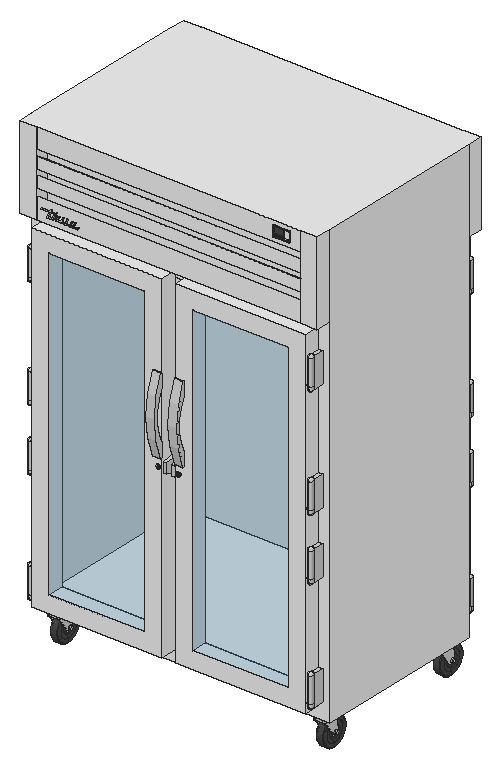
Revit family (continued)
Cuts and joins
  joined: Revolve 14, Extrusion 15
Lines and regions (in)
  symbolic lines
    curve 1: line (0, 0, 0) -> (52.625, 0, 0)
    curve 2: line (0, -36.125, 0) -> (0, 0, 0)
    curve 3: line (52.625, -36.125, 0) -> (0, -36.125, 0)
    curve 4: line (52.625, 0, 0) -> (52.625, -36.125, 0)
    curve 5: line (52.625, -33.875, 0) -> (0, -33.875, 0)
    curve 26: line (23.70675, -37.76905, 0) -> (23.70675, -36.125, 0)
    curve 27: line (23.70675, -37.76905, 0) -> (25.20675, -37.76905, 0)
    curve 28: line (25.20675, -36.125, 0) -> (25.20675, -37.76905, 0)
    curve 29: line (29.09375, -37.76905, 0) -> (29.09375, -36.125, 0)
    curve 30: line (29.09375, -37.76905, 0) -> (27.59375, -37.76905, 0)
    curve 31: line (27.59375, -36.125, 0) -> (27.59375, -37.76905, 0)
    curve 32: arc (20.275, 0.2, 0) -> (13.70938, 1.55018, 0) -> (7.14375, 0.2, 0) r 16.63863
    curve 33: line (20.275, 0, 0) -> (20.275, 0.2, 0)
    curve 34: line (7.14375, 0.2, 0) -> (7.14375, 0, 0)
    curve 35: arc (9.54375, 0, 0) -> (13.70938, 1.04513, 0) -> (17.875, 0, 0) r 8.82412
    curve 36: arc (32.2875, 0.2, 0) -> (39.0875, 1.64405, 0) -> (45.8875, 0.2, 0) r 16.7325
    curve 37: line (32.2875, 0, 0) -> (32.2875, 0.2, 0)
    curve 38: line (45.8875, 0.2, 0) -> (45.8875, 0, 0)
    curve 39: arc (43.4875, 0, 0) -> (39.0875, 1.15816, 0) -> (34.6875, 0, 0) r 8.93715
    curve 44: line (52.625, -2.25, 0) -> (0, -2.25, 0)
  symbolic lines, style "SpecialityEquipmentHiddenLines", visible <- "Show Casters"
    curve 6: line (3.60602, -26.67571, 0) -> (5.06131, -27.42571, 0)
    curve 7: line (1.20097, -31.34243, 0) -> (3.60602, -26.67571, 0)
    curve 8: line (2.65626, -32.09243, 0) -> (1.20097, -31.34243, 0)
    curve 9: line (5.06131, -27.42571, 0) -> (2.65626, -32.09243, 0)
    curve 10: line (3.98222, -3.1708, 0) -> (5.43751, -4.09689, 0)
    curve 11: line (1.20097, -7.54134, 0) -> (3.98222, -3.1708, 0)
    curve 12: line (2.65626, -8.46743, 0) -> (1.20097, -7.54134, 0)
    curve 13: line (5.43751, -4.09689, 0) -> (2.65626, -8.46743, 0)
    curve 14: line (50.00722, -3.1708, 0) -> (51.30626, -3.9208, 0)
    curve 15: line (47.38222, -7.71743, 0) -> (50.00722, -3.1708, 0)
    curve 16: line (48.68126, -8.46743, 0) -> (47.38222, -7.71743, 0)
    curve 17: line (51.30626, -3.9208, 0) -> (48.68126, -8.46743, 0)
    curve 18: line (50.00722, -26.89987, 0) -> (51.30626, -27.64987, 0)
    curve 19: line (47.38222, -31.44651, 0) -> (50.00722, -26.89987, 0)
    curve 20: line (48.68126, -32.19651, 0) -> (47.38222, -31.44651, 0)
    curve 21: line (51.30626, -27.64987, 0) -> (48.68126, -32.19651, 0)
  symbolic lines, style "QF-Door Swings", visible <- "Show Clearance", detail levels coarse
    curve 22: line (50.53125, -36.125, 0) -> (50.53125, -59.0625, 0)
    curve 23: arc (50.53125, -59.0625, 0) -> (34.31199, -52.34426, 0) -> (27.59375, -36.125, 0) r 22.9375
    curve 24: line (2.25, -36.125, 0) -> (2.25, -59.0625, 0)
    curve 25: arc (2.25, -59.0625, 0) -> (18.46926, -52.34426, 0) -> (25.1875, -36.125, 0) r 22.9375
    curve 40: line (50.53125, 0, 0) -> (50.53125, 22.9375, 0)
    curve 41: arc (50.53125, 22.9375, 0) -> (34.31199, 16.21926, 0) -> (27.59375, 0, 0) r 22.9375
    curve 42: line (2.25, 0, 0) -> (2.25, 22.9375, 0)
    curve 43: arc (2.25, 22.9375, 0) -> (18.46926, 16.21926, 0) -> (25.1875, 0, 0) r 22.9375
Dimensions and locks (in)
  "Depth": plane 5 "FRONT" to plane 1 "BACK"
  plane 7 to level = 6 1/8"
  plane 6 "TOP" to level = 84 1/8"
  plane 6 "TOP" to plane 7 = 78"
  Extrusion 6 to plane 1 "BACK" = 36 1/8"
  "Length": plane 3 "LEFT" to plane 4 "RIGHT"
  plane 4 "RIGHT" to plane 10 to plane 9 to plane 3 "LEFT" = 2 11/16", 46 15/16", 3"
  plane 4 "RIGHT" to plane 3 "LEFT" = 52 5/8"  (x4)
  Extrusion 6 to Extrusion 6 to plane 3 "LEFT" = 22 15/16", 2 1/4"
  plane 4 "RIGHT" to Extrusion 6 to Extrusion 6 = 2 3/32", 22 15/16"
  Extrusion 6 to plane 7 = 1 29/32"
  cut or joined group of Extrusion 1, Extrusion 2, Extrusion 3, Extrusion 4, Extrusion 5 to Extrusion 6 = 1 17/32"
  equal spacing: plane 3 "LEFT", plane 12, plane 4 "RIGHT"
  equal spacing: plane 1 "BACK", plane 14, plane 5 "FRONT"
  cut or joined group of Extrusion 1, Extrusion 2, Extrusion 3, Extrusion 4, Extrusion 5 to cut or joined group of Extrusion 1, Extrusion 2, Extrusion 3, Extrusion 4, Extrusion 5 = 52 15/32"  (x2)
  Extrusion 64 to Extrusion 64 = 22 15/16"  (x2)
  Extrusion 64 to Extrusion 92 = 29 7/32"
  Extrusion 92 to Extrusion 64 = 29 7/32"
  Extrusion 64 to Extrusion 93 = 29 7/32"
  Extrusion 93 to Extrusion 64 = 29 7/32"
  aligned and locked: level to plane 2
Automatic sketch dimensions
  Extrusion 1 sketch curve to plane 3 "LEFT" = 0"
  Extrusion 1 sketch curve to plane 9 = 19/32"
  Extrusion 1 sketch curve to plane 5 "FRONT" = 2 3/4"
  plane 1 "BACK" to Extrusion 1 sketch curve = 2 3/4"
  Extrusion 2 sketch curve to plane 4 "RIGHT" = 0"
  plane 10 to Extrusion 2 sketch curve = 7/16"
  Extrusion 2 sketch curve to plane 5 "FRONT" = 2 3/4"
  plane 1 "BACK" to Extrusion 2 sketch curve = 2 3/4"
  Extrusion 3 sketch curve to plane 11 = 0"  (x4)
  Extrusion 3 sketch curve to plane 13 = 0"  (x4)
  Extrusion 3 sketch curve to plane 6 "TOP" = 0"
  plane 11 to Extrusion 3 sketch curve = 2.2042"
  Extrusion 3 sketch curve to Extrusion 3 sketch curve = 0"  (x3)
  Extrusion 3 sketch curve to plane 7 = 0"
  plane 11 to Extrusion 3 sketch curve = 2.7042"  (x2)
  plane 13 to Extrusion 3 sketch curve = 2.7042"  (x2)
  plane 13 to Extrusion 3 sketch curve = 2.2042"  (x2)
  plane 7 to Extrusion 3 sketch curve = 2 29/32"
  Extrusion 3 sketch curve to plane 6 "TOP" = 17 5/32"
  Extrusion 3 sketch curve to Extrusion 3 sketch curve = 2 17/32"  (x2)
  Extrusion 3 sketch curve to Extrusion 3 sketch curve = 2 1/8"  (x2)
  Extrusion 3 sketch curve to Extrusion 3 sketch curve = 1.27557"  (x4)
  Extrusion 3 sketch curve to Extrusion 3 sketch curve = 0.29169"  (x2)
  Extrusion 3 sketch curve to Extrusion 3 sketch curve = 2.0962"  (x4)
  Extrusion 3 sketch curve to Extrusion 3 sketch curve = 0.96076"  (x4)
  Extrusion 3 sketch curve to Extrusion 3 sketch curve = 2.13371"  (x4)
  Extrusion 3 sketch curve to Extrusion 3 sketch curve = 1.12227"  (x4)
  plane 1 "BACK" to Extrusion 4 sketch curve = 0"
  plane 5 "FRONT" to Extrusion 4 sketch curve = 0"
  Extrusion 4 sketch curve to plane 10 = 0.27718"  (x2)
  Extrusion 4 sketch curve to plane 4 "RIGHT" = 5/64"  (x2)
  Extrusion 4 sketch curve to plane 5 "FRONT" = 2 3/4"
  Extrusion 4 sketch curve to Extrusion 4 sketch curve = 2 3/4"
  plane 1 "BACK" to Extrusion 5 sketch curve = 0"
  plane 5 "FRONT" to Extrusion 5 sketch curve = 0"
  plane 3 "LEFT" to Extrusion 5 sketch curve = 5/64"  (x2)
  plane 9 to Extrusion 5 sketch curve = 0.08484"  (x2)
  Extrusion 5 sketch curve to plane 5 "FRONT" = 2 3/4"
  Extrusion 5 sketch curve to Extrusion 5 sketch curve = 2 3/4"
  Extrusion 6 sketch curve to plane 9 = 3/4"
  plane 9 to Extrusion 6 sketch curve = 2 1/4"
  Extrusion 6 sketch curve to plane 10 = 2 13/32"
  plane 10 to Extrusion 6 sketch curve = 19/32"
  plane 7 to Extrusion 6 sketch curve = 1 29/32"  (x2)
  Extrusion 6 sketch curve to Extrusion 6 sketch curve = 3"  (x4)
  Extrusion 6 sketch curve to plane 6 "TOP" = 19 5/32"  (x2)
  Extrusion 6 sketch curve to Extrusion 6 sketch curve = 0"
  Extrusion 7 sketch curve to plane 12 = 1 197/256"
  Extrusion 7 sketch curve to Extrusion 7 sketch curve = 9/256"
  Extrusion 7 sketch curve to Extrusion 7 sketch curve = 0.0555"  (x2)
  Extrusion 7 sketch curve to plane 8 = 1.79215"
  Extrusion 7 sketch curve to Extrusion 7 sketch curve = 0.02035"
  plane 7 to Extrusion 7 sketch curve = 31.64395"
  Extrusion 7 sketch curve to Extrusion 7 sketch curve = 0"
  Extrusion 7 sketch curve to Extrusion 7 sketch curve = 0.29355"  (x2)
  Extrusion 7 sketch curve to Extrusion 7 sketch curve = 0.27385"  (x2)
  plane 9 to Extrusion 8 sketch curve = 0.84582"
  Extrusion 8 sketch curve to Extrusion 8 sketch curve = 0.10565"  (x5)
  Extrusion 8 sketch curve to Extrusion 8 sketch curve = 1.03891"
  Extrusion 8 sketch curve to Extrusion 8 sketch curve = 0.04606"
  Extrusion 8 sketch curve to Extrusion 8 sketch curve = 0.04025"
  Extrusion 8 sketch curve to Extrusion 8 sketch curve = 0.33624"
  Extrusion 8 sketch curve to Extrusion 8 sketch curve = 0.03034"  (x2)
  Extrusion 8 sketch curve to Extrusion 8 sketch curve = 0.29274"
  Extrusion 8 sketch curve to Extrusion 8 sketch curve = 0.03232"
  Extrusion 8 sketch curve to Extrusion 8 sketch curve = 0.08083"
  Extrusion 8 sketch curve to Extrusion 8 sketch curve = 0.1527"
  Extrusion 8 sketch curve to Extrusion 8 sketch curve = 0.19721"
  Extrusion 8 sketch curve to Extrusion 8 sketch curve = 0.4629"
  Extrusion 8 sketch curve to Extrusion 8 sketch curve = 0.02197"
  Extrusion 8 sketch curve to Extrusion 8 sketch curve = 0.12632"
  Extrusion 8 sketch curve to Extrusion 8 sketch curve = 0.18591"
  Extrusion 8 sketch curve to Extrusion 8 sketch curve = 0.2322"
  Extrusion 8 sketch curve to Extrusion 8 sketch curve = 0.13786"
  Extrusion 8 sketch curve to Extrusion 8 sketch curve = 0.00907"
  Extrusion 8 sketch curve to Extrusion 8 sketch curve = 0.01413"
  Extrusion 8 sketch curve to Extrusion 8 sketch curve = 0.37162"
  Extrusion 8 sketch curve to Extrusion 8 sketch curve = 0.12551"
  Extrusion 8 sketch curve to Extrusion 8 sketch curve = 0.07633"
  Extrusion 8 sketch curve to Extrusion 8 sketch curve = 0.08445"
  Extrusion 8 sketch curve to Extrusion 8 sketch curve = 0.25598"
  Extrusion 8 sketch curve to Extrusion 8 sketch curve = 0.01887"
  Extrusion 8 sketch curve to Extrusion 8 sketch curve = 0.04061"
  Extrusion 8 sketch curve to Extrusion 8 sketch curve = 0.0653"
  Extrusion 8 sketch curve to Extrusion 8 sketch curve = 0.08474"
  Extrusion 8 sketch curve to Extrusion 8 sketch curve = 0.00815"
  Extrusion 8 sketch curve to Extrusion 8 sketch curve = 0.22037"
  Extrusion 8 sketch curve to Extrusion 8 sketch curve = 0.21921"
  Extrusion 8 sketch curve to Extrusion 8 sketch curve = 0.11572"
  Extrusion 8 sketch curve to Extrusion 8 sketch curve = 0.46643"
  Extrusion 8 sketch curve to Extrusion 8 sketch curve = 0.00535"
  Extrusion 8 sketch curve to Extrusion 8 sketch curve = 0.09269"
  Extrusion 8 sketch curve to Extrusion 8 sketch curve = 0.09348"
  Extrusion 8 sketch curve to Extrusion 8 sketch curve = 0.14812"
  Extrusion 8 sketch curve to Extrusion 8 sketch curve = 0.07778"  (x3)
  Extrusion 8 sketch curve to Extrusion 8 sketch curve = 0.20054"
  Extrusion 8 sketch curve to Extrusion 8 sketch curve = 0.04325"
  Extrusion 8 sketch curve to Extrusion 8 sketch curve = 0.32433"
  Extrusion 8 sketch curve to Extrusion 8 sketch curve = 0.10233"  (x2)
  Extrusion 8 sketch curve to Extrusion 8 sketch curve = 0.16515"
  Extrusion 8 sketch curve to Extrusion 8 sketch curve = 0.27321"
  Extrusion 8 sketch curve to Extrusion 8 sketch curve = 0.0526"
  Extrusion 8 sketch curve to Extrusion 8 sketch curve = 0.10005"
  Extrusion 8 sketch curve to Extrusion 8 sketch curve = 0.06912"
  Extrusion 8 sketch curve to Extrusion 8 sketch curve = 0.13276"
  Extrusion 8 sketch curve to Extrusion 8 sketch curve = 0.17486"
  Extrusion 8 sketch curve to Extrusion 8 sketch curve = 0.05291"
  Extrusion 8 sketch curve to Extrusion 8 sketch curve = 0.53374"
  Extrusion 8 sketch curve to Extrusion 8 sketch curve = 0.09914"  (x2)
  Extrusion 8 sketch curve to Extrusion 8 sketch curve = 0.15992"
  Extrusion 8 sketch curve to Extrusion 8 sketch curve = 0.46666"
  Extrusion 8 sketch curve to Extrusion 8 sketch curve = 0.00582"
  Extrusion 8 sketch curve to Extrusion 8 sketch curve = 0.08216"
  Extrusion 8 sketch curve to Extrusion 8 sketch curve = 0.16397"
  Extrusion 8 sketch curve to Extrusion 8 sketch curve = 0.12601"
  Extrusion 8 sketch curve to Extrusion 8 sketch curve = 0.1363"
  Extrusion 8 sketch curve to Extrusion 8 sketch curve = 0.02323"
  Extrusion 8 sketch curve to Extrusion 8 sketch curve = 0.03844"
  Extrusion 8 sketch curve to Extrusion 8 sketch curve = 0.0454"
  Extrusion 8 sketch curve to Extrusion 8 sketch curve = 0.05693"
  Extrusion 8 sketch curve to Extrusion 8 sketch curve = 0.0917"
  Extrusion 8 sketch curve to Extrusion 8 sketch curve = 0.01902"
  Extrusion 8 sketch curve to Extrusion 8 sketch curve = 0.02191"
  Extrusion 8 sketch curve to Extrusion 8 sketch curve = 0.0347"
  Extrusion 8 sketch curve to Extrusion 8 sketch curve = 0.06385"
  Extrusion 8 sketch curve to Extrusion 8 sketch curve = 0.02906"
  Extrusion 8 sketch curve to Extrusion 8 sketch curve = 0.02851"
  Extrusion 8 sketch curve to Extrusion 8 sketch curve = 0.29237"
  Extrusion 8 sketch curve to Extrusion 8 sketch curve = 0.00537"
  Extrusion 8 sketch curve to Extrusion 8 sketch curve = 0.0406"
  Extrusion 8 sketch curve to Extrusion 8 sketch curve = 0.04327"
  Extrusion 8 sketch curve to Extrusion 8 sketch curve = 0.02615"
  Extrusion 8 sketch curve to Extrusion 8 sketch curve = 0.11806"
  Extrusion 8 sketch curve to Extrusion 8 sketch curve = 0.15103"
  Extrusion 8 sketch curve to Extrusion 8 sketch curve = 0.10007"
  Extrusion 8 sketch curve to Extrusion 8 sketch curve = 0.5254"
  Extrusion 8 sketch curve to Extrusion 8 sketch curve = 0.14787"
  Extrusion 8 sketch curve to plane 6 "TOP" = 13.64562"
  Extrusion 8 sketch curve to Extrusion 8 sketch curve = 0.07275"
  Extrusion 8 sketch curve to Extrusion 8 sketch curve = 0.05776"
  Extrusion 8 sketch curve to Extrusion 8 sketch curve = 0.08631"
  Extrusion 8 sketch curve to Extrusion 8 sketch curve = 0.09282"
  Extrusion 8 sketch curve to Extrusion 8 sketch curve = 0.13018"
  Extrusion 8 sketch curve to Extrusion 8 sketch curve = 0.16714"
  Extrusion 8 sketch curve to Extrusion 8 sketch curve = 0.11061"
  Extrusion 8 sketch curve to Extrusion 8 sketch curve = 0.06046"
  Extrusion 8 sketch curve to Extrusion 8 sketch curve = 0.16548"
  Extrusion 8 sketch curve to Extrusion 8 sketch curve = 0.14279"
  Extrusion 8 sketch curve to Extrusion 8 sketch curve = 0.0496"
  Extrusion 8 sketch curve to Extrusion 8 sketch curve = 0.07293"
  Extrusion 8 sketch curve to Extrusion 8 sketch curve = 0.07764"
  Extrusion 8 sketch curve to Extrusion 8 sketch curve = 0.03794"
  Extrusion 8 sketch curve to Extrusion 8 sketch curve = 0.08552"
  Extrusion 8 sketch curve to Extrusion 8 sketch curve = 0.09296"
  Extrusion 8 sketch curve to Extrusion 8 sketch curve = 0.09314"
  Extrusion 8 sketch curve to Extrusion 8 sketch curve = 0.02781"
  Extrusion 8 sketch curve to Extrusion 8 sketch curve = 0.04981"
  Extrusion 8 sketch curve to Extrusion 8 sketch curve = 0.09315"
  Extrusion 8 sketch curve to Extrusion 8 sketch curve = 0.04799"
  Extrusion 8 sketch curve to Extrusion 8 sketch curve = 0.02531"
  Extrusion 8 sketch curve to Extrusion 8 sketch curve = 0.03054"
  Extrusion 8 sketch curve to Extrusion 8 sketch curve = 0.2589"
  Extrusion 8 sketch curve to Extrusion 8 sketch curve = 0.0674"
  Extrusion 8 sketch curve to Extrusion 8 sketch curve = 0.0324"
  Extrusion 8 sketch curve to Extrusion 8 sketch curve = 0.26185"
  Extrusion 8 sketch curve to Extrusion 8 sketch curve = 11/256"
  Extrusion 8 sketch curve to Extrusion 8 sketch curve = 0.07366"
  Extrusion 8 sketch curve to Extrusion 8 sketch curve = 0.02187"
  Extrusion 8 sketch curve to Extrusion 8 sketch curve = 0.06479"
  Extrusion 8 sketch curve to Extrusion 8 sketch curve = 0.01183"
  Extrusion 8 sketch curve to Extrusion 8 sketch curve = 0.05778"
  Extrusion 8 sketch curve to Extrusion 8 sketch curve = 0.53375"
  Extrusion 8 sketch curve to Extrusion 8 sketch curve = 0.23098"
  Extrusion 8 sketch curve to Extrusion 8 sketch curve = 0"
  Extrusion 8 sketch curve to Extrusion 8 sketch curve = 0.05045"
  Extrusion 8 sketch curve to Extrusion 8 sketch curve = 0.09139"
  Extrusion 8 sketch curve to Extrusion 8 sketch curve = 29/128"  (x3)
  Extrusion 9 sketch curve to plane 10 = 13/32"
  Extrusion 9 sketch curve to plane 6 "TOP" = 2 1/8"
  plane 5 "FRONT" to Extrusion 10 sketch curve = 0.2"  (x2)
  plane 5 "FRONT" to Extrusion 10 sketch curve = 0"  (x2)
  Extrusion 10 sketch curve to plane 5 "FRONT" = 7.77899"
  Extrusion 10 sketch curve to plane 14 = 2.97406"
  Extrusion 10 sketch curve to plane 6 "TOP" = 30.96833"
  Extrusion 10 sketch curve to Extrusion 10 sketch curve = 2.4"
  Extrusion 10 sketch curve to Extrusion 10 sketch curve = 4.4"
  Extrusion 10 sketch curve to Extrusion 10 sketch curve = 0"
  Blend 11 sketch curve to plane 12 = 1 1/8"  (x2)
  Blend 11 sketch curve to plane 12 = 3/8"
  plane 7 to Blend 11 sketch curve = 31.11669"
  Blend 11 sketch curve to Blend 11 sketch curve = 1 3/4"
  Blend 11 sketch curve to plane 12 = 0.19277"
  plane 7 to Blend 11 sketch curve = 30.5191"
  Blend 11 sketch curve to Blend 11 sketch curve = 2.78233"
  Blend 12 sketch curve to plane 8 = 1 9/32"
  Blend 12 sketch curve to plane 8 = 17/32"
  plane 7 to Blend 12 sketch curve = 32.86669"
  Blend 12 sketch curve to Blend 12 sketch curve = 1 3/4"
  plane 8 to Blend 12 sketch curve = 1 9/32"
  plane 8 to Blend 12 sketch curve = 0.34902"
  Blend 12 sketch curve to plane 7 = 30.5191"
  Blend 12 sketch curve to Blend 12 sketch curve = 2.78233"
  Extrusion 13 sketch curve to plane 5 "FRONT" = 1/2"
  Extrusion 13 sketch curve to Extrusion 13 sketch curve = 0.43503"
  Extrusion 13 sketch curve to Extrusion 13 sketch curve = 0.20453"
  Extrusion 13 sketch curve to Extrusion 13 sketch curve = 1.61044"
  Extrusion 13 sketch curve to plane 6 "TOP" = 24.88873"
  Extrusion 13 sketch curve to Extrusion 13 sketch curve = 0.71221"
  Extrusion 13 sketch curve to Extrusion 13 sketch curve = 4.39928"
  Revolve 14 sketch curve to plane 5 "FRONT" = 0.07771"  (x2)
  Revolve 14 sketch curve to Revolve 14 sketch curve = 0.38242"
  Revolve 14 sketch curve to Revolve 14 sketch curve = 0.38436"
  Revolve 14 sketch curve to plane 5 "FRONT" = 31/64"
  Revolve 14 sketch curve to Revolve 14 sketch curve = 0.40666"
  Revolve 14 sketch curve to Revolve 14 sketch curve = 0"
  Revolve 14 sketch curve to plane 6 "TOP" = 25.07719"
  Revolve 14 sketch curve to Revolve 14 sketch curve = 0.32931"
  Revolve 14 sketch curve to Revolve 14 sketch curve = 0.51246"
  Revolve 14 sketch curve to Revolve 14 sketch curve = 0.05342"
  Revolve 14 sketch curve to Revolve 14 sketch curve = 4.42889"
  Revolve 14 sketch curve to Revolve 14 sketch curve = 0.04281"
  Revolve 14 sketch curve to Revolve 14 sketch curve = 0.18929"
  Revolve 14 sketch curve to Revolve 14 sketch curve = 0.55526"
  Extrusion 15 sketch curve to plane 9 = 1.14759"
  Extrusion 15 sketch curve to Extrusion 15 sketch curve = 0.39759"
  Extrusion 15 sketch curve to plane 6 "TOP" = 24.12421"
  Extrusion 15 sketch curve to Extrusion 15 sketch curve = 4.47281"
  Extrusion 16 sketch curve to plane 5 "FRONT" = 1/2"
  Extrusion 16 sketch curve to Extrusion 16 sketch curve = 0.43503"
  Extrusion 16 sketch curve to Extrusion 16 sketch curve = 0.20453"
  Extrusion 16 sketch curve to Extrusion 16 sketch curve = 1.61044"
  plane 7 to Extrusion 16 sketch curve = 33.61127"
  Extrusion 16 sketch curve to Extrusion 16 sketch curve = 0.71221"
  Extrusion 16 sketch curve to Extrusion 16 sketch curve = 4.39928"
  Revolve 17 sketch curve to plane 5 "FRONT" = 0.07771"  (x2)
  Revolve 17 sketch curve to Revolve 17 sketch curve = 0.38242"
  Revolve 17 sketch curve to Revolve 17 sketch curve = 0.38436"
  Revolve 17 sketch curve to plane 5 "FRONT" = 31/64"
  Revolve 17 sketch curve to Revolve 17 sketch curve = 0.40666"
  Revolve 17 sketch curve to Revolve 17 sketch curve = 0"
  plane 7 to Revolve 17 sketch curve = 33.42281"
  Revolve 17 sketch curve to Revolve 17 sketch curve = 0.32931"
  Revolve 17 sketch curve to Revolve 17 sketch curve = 0.51246"
  Revolve 17 sketch curve to Revolve 17 sketch curve = 0.05342"
  Revolve 17 sketch curve to Revolve 17 sketch curve = 4.42889"
  Revolve 17 sketch curve to Revolve 17 sketch curve = 0.04281"
  Revolve 17 sketch curve to Revolve 17 sketch curve = 0.18929"
  Revolve 17 sketch curve to Revolve 17 sketch curve = 0.55526"
  Extrusion 18 sketch curve to plane 9 = 1.14759"
  Extrusion 18 sketch curve to Extrusion 18 sketch curve = 0.39759"
  plane 7 to Extrusion 18 sketch curve = 34.37579"
  Extrusion 18 sketch curve to Extrusion 18 sketch curve = 4.47281"
  Extrusion 19 sketch curve to plane 5 "FRONT" = 1/2"
  Extrusion 19 sketch curve to Extrusion 19 sketch curve = 0.43503"
  Extrusion 19 sketch curve to Extrusion 19 sketch curve = 0.20453"
  Extrusion 19 sketch curve to Extrusion 19 sketch curve = 1.61044"
  plane 7 to Extrusion 19 sketch curve = 22.61127"
  Extrusion 19 sketch curve to Extrusion 19 sketch curve = 0.71221"
  Extrusion 19 sketch curve to Extrusion 19 sketch curve = 4.39928"
  Revolve 20 sketch curve to plane 5 "FRONT" = 0.07771"  (x2)
  Revolve 20 sketch curve to Revolve 20 sketch curve = 0.38242"
  Revolve 20 sketch curve to Revolve 20 sketch curve = 0.38436"
  Revolve 20 sketch curve to plane 5 "FRONT" = 31/64"
  Revolve 20 sketch curve to Revolve 20 sketch curve = 0.40666"
  Revolve 20 sketch curve to Revolve 20 sketch curve = 0"
  plane 7 to Revolve 20 sketch curve = 22.42281"
  Revolve 20 sketch curve to Revolve 20 sketch curve = 0.32931"
  Revolve 20 sketch curve to Revolve 20 sketch curve = 0.51246"
  Revolve 20 sketch curve to Revolve 20 sketch curve = 0.05342"
  Revolve 20 sketch curve to Revolve 20 sketch curve = 4.42889"
  Revolve 20 sketch curve to Revolve 20 sketch curve = 0.04281"
  Revolve 20 sketch curve to Revolve 20 sketch curve = 0.18929"
  Revolve 20 sketch curve to Revolve 20 sketch curve = 0.55526"
  Extrusion 21 sketch curve to plane 9 = 1.14759"
  Extrusion 21 sketch curve to Extrusion 21 sketch curve = 0.39759"
  plane 7 to Extrusion 21 sketch curve = 23.37579"
  Extrusion 21 sketch curve to Extrusion 21 sketch curve = 4.47281"
  Extrusion 22 sketch curve to plane 5 "FRONT" = 1/2"
  Extrusion 22 sketch curve to Extrusion 22 sketch curve = 0.43503"
  Extrusion 22 sketch curve to Extrusion 22 sketch curve = 0.20453"
  Extrusion 22 sketch curve to Extrusion 22 sketch curve = 1.61044"
  plane 7 to Extrusion 22 sketch curve = 2.86127"
  Extrusion 22 sketch curve to Extrusion 22 sketch curve = 0.71221"
  Extrusion 22 sketch curve to Extrusion 22 sketch curve = 4.39928"
  Revolve 23 sketch curve to plane 5 "FRONT" = 0.07771"  (x2)
  Revolve 23 sketch curve to Revolve 23 sketch curve = 0.38242"
  Revolve 23 sketch curve to Revolve 23 sketch curve = 0.38436"
  Revolve 23 sketch curve to plane 5 "FRONT" = 31/64"
  Revolve 23 sketch curve to Revolve 23 sketch curve = 0.40666"
  Revolve 23 sketch curve to Revolve 23 sketch curve = 0"
  plane 7 to Revolve 23 sketch curve = 2.67281"
  Revolve 23 sketch curve to Revolve 23 sketch curve = 0.32931"
  Revolve 23 sketch curve to Revolve 23 sketch curve = 0.51246"
  Revolve 23 sketch curve to Revolve 23 sketch curve = 0.05342"
  Revolve 23 sketch curve to Revolve 23 sketch curve = 4.42889"
  Revolve 23 sketch curve to Revolve 23 sketch curve = 0.04281"
  Revolve 23 sketch curve to Revolve 23 sketch curve = 0.18929"
  Revolve 23 sketch curve to Revolve 23 sketch curve = 0.55526"
  Extrusion 24 sketch curve to plane 9 = 1.14759"
  Extrusion 24 sketch curve to Extrusion 24 sketch curve = 0.39759"
  plane 7 to Extrusion 24 sketch curve = 3.62579"
  Extrusion 24 sketch curve to Extrusion 24 sketch curve = 4.47281"
  Extrusion 25 sketch curve to plane 5 "FRONT" = 1/2"
  Extrusion 25 sketch curve to Extrusion 25 sketch curve = 0.43503"
  Extrusion 25 sketch curve to Extrusion 25 sketch curve = 0.20453"
  Extrusion 25 sketch curve to Extrusion 25 sketch curve = 1.61044"
  Extrusion 25 sketch curve to plane 6 "TOP" = 19.57271"
  Extrusion 25 sketch curve to Extrusion 25 sketch curve = 4.39928"
  Extrusion 25 sketch curve to Extrusion 25 sketch curve = 0.71221"
  Revolve 26 sketch curve to plane 5 "FRONT" = 0.07771"  (x2)
  Revolve 26 sketch curve to Revolve 26 sketch curve = 0.38242"
  Revolve 26 sketch curve to Revolve 26 sketch curve = 0.38436"
  Revolve 26 sketch curve to plane 5 "FRONT" = 31/64"
  Revolve 26 sketch curve to Revolve 26 sketch curve = 0.40666"
  Revolve 26 sketch curve to Revolve 26 sketch curve = 0"
  Revolve 26 sketch curve to plane 6 "TOP" = 18.75492"
  Revolve 26 sketch curve to Revolve 26 sketch curve = 0.55526"
  Revolve 26 sketch curve to Revolve 26 sketch curve = 0.19474"
  Revolve 26 sketch curve to Revolve 26 sketch curve = 0.14649"
  Revolve 26 sketch curve to Revolve 26 sketch curve = 4.42889"
  Revolve 26 sketch curve to Revolve 26 sketch curve = 0.05342"
  Revolve 26 sketch curve to Revolve 26 sketch curve = 0.51246"
  Revolve 26 sketch curve to Revolve 26 sketch curve = 0.05889"
  plane 10 to Extrusion 27 sketch curve = 1.14759"
  Extrusion 27 sketch curve to Extrusion 27 sketch curve = 0.39759"
  Extrusion 27 sketch curve to plane 6 "TOP" = 19.6514"
  Extrusion 27 sketch curve to Extrusion 27 sketch curve = 4.47281"
  Extrusion 28 sketch curve to plane 5 "FRONT" = 1/2"
  Extrusion 28 sketch curve to Extrusion 28 sketch curve = 0.43503"
  Extrusion 28 sketch curve to Extrusion 28 sketch curve = 0.20453"
  Extrusion 28 sketch curve to Extrusion 28 sketch curve = 1.61044"
  plane 7 to Extrusion 28 sketch curve = 38.92729"
  Extrusion 28 sketch curve to Extrusion 28 sketch curve = 4.39928"
  Extrusion 28 sketch curve to Extrusion 28 sketch curve = 0.71221"
  Revolve 29 sketch curve to plane 5 "FRONT" = 0.07771"  (x2)
  Revolve 29 sketch curve to Revolve 29 sketch curve = 0.38242"
  Revolve 29 sketch curve to Revolve 29 sketch curve = 0.38436"
  Revolve 29 sketch curve to plane 5 "FRONT" = 31/64"
  Revolve 29 sketch curve to Revolve 29 sketch curve = 0.40666"
  Revolve 29 sketch curve to Revolve 29 sketch curve = 0"
  Revolve 29 sketch curve to plane 6 "TOP" = 38.25492"
  Revolve 29 sketch curve to Revolve 29 sketch curve = 0.55526"
  Revolve 29 sketch curve to Revolve 29 sketch curve = 0.19474"
  Revolve 29 sketch curve to Revolve 29 sketch curve = 0.14649"
  Revolve 29 sketch curve to Revolve 29 sketch curve = 4.42889"
  Revolve 29 sketch curve to Revolve 29 sketch curve = 0.05342"
  Revolve 29 sketch curve to Revolve 29 sketch curve = 0.51246"
  Revolve 29 sketch curve to Revolve 29 sketch curve = 0.05889"
  plane 10 to Extrusion 30 sketch curve = 1.14759"
  Extrusion 30 sketch curve to Extrusion 30 sketch curve = 0.39759"
  plane 7 to Extrusion 30 sketch curve = 38.8486"
  Extrusion 30 sketch curve to Extrusion 30 sketch curve = 4.47281"
  Extrusion 31 sketch curve to plane 5 "FRONT" = 1/2"
  Extrusion 31 sketch curve to Extrusion 31 sketch curve = 0.43503"
  Extrusion 31 sketch curve to Extrusion 31 sketch curve = 0.20453"
  Extrusion 31 sketch curve to Extrusion 31 sketch curve = 1.61044"
  plane 7 to Extrusion 31 sketch curve = 27.92729"
  Extrusion 31 sketch curve to Extrusion 31 sketch curve = 4.39928"
  Extrusion 31 sketch curve to Extrusion 31 sketch curve = 0.71221"
  Revolve 32 sketch curve to plane 5 "FRONT" = 0.07771"  (x2)
  Revolve 32 sketch curve to Revolve 32 sketch curve = 0.38242"
  Revolve 32 sketch curve to Revolve 32 sketch curve = 0.38436"
  Revolve 32 sketch curve to plane 5 "FRONT" = 31/64"
  Revolve 32 sketch curve to Revolve 32 sketch curve = 0.40666"
  Revolve 32 sketch curve to Revolve 32 sketch curve = 0"
  plane 7 to Revolve 32 sketch curve = 28.74508"
  Revolve 32 sketch curve to Revolve 32 sketch curve = 0.55526"
  Revolve 32 sketch curve to Revolve 32 sketch curve = 0.19474"
  Revolve 32 sketch curve to Revolve 32 sketch curve = 0.14649"
  Revolve 32 sketch curve to Revolve 32 sketch curve = 4.42889"
  Revolve 32 sketch curve to Revolve 32 sketch curve = 0.05342"
  Revolve 32 sketch curve to Revolve 32 sketch curve = 0.51246"
  Revolve 32 sketch curve to Revolve 32 sketch curve = 0.05889"
  plane 10 to Extrusion 33 sketch curve = 1.14759"
  Extrusion 33 sketch curve to Extrusion 33 sketch curve = 0.39759"
  plane 7 to Extrusion 33 sketch curve = 27.8486"
  Extrusion 33 sketch curve to Extrusion 33 sketch curve = 4.47281"
  Extrusion 34 sketch curve to plane 5 "FRONT" = 1/2"
  Extrusion 34 sketch curve to Extrusion 34 sketch curve = 0.43503"
  Extrusion 34 sketch curve to Extrusion 34 sketch curve = 0.20453"
  Extrusion 34 sketch curve to Extrusion 34 sketch curve = 1.61044"
  plane 7 to Extrusion 34 sketch curve = 8.17729"
  plane 7 to Extrusion 34 sketch curve = 3.57348"
  Extrusion 34 sketch curve to Extrusion 34 sketch curve = 0.71221"
  Revolve 35 sketch curve to plane 5 "FRONT" = 0.07771"  (x2)
  Revolve 35 sketch curve to Revolve 35 sketch curve = 0.38242"
  Revolve 35 sketch curve to Revolve 35 sketch curve = 0.38436"
  Revolve 35 sketch curve to plane 5 "FRONT" = 31/64"
  Revolve 35 sketch curve to Revolve 35 sketch curve = 0.40666"
  Revolve 35 sketch curve to Revolve 35 sketch curve = 0"
  plane 7 to Revolve 35 sketch curve = 8.99508"
  Revolve 35 sketch curve to Revolve 35 sketch curve = 0.55526"
  Revolve 35 sketch curve to Revolve 35 sketch curve = 0.19474"
  Revolve 35 sketch curve to Revolve 35 sketch curve = 0.14649"
  plane 7 to Revolve 35 sketch curve = 3.62689"
  Revolve 35 sketch curve to Revolve 35 sketch curve = 0.05342"
  Revolve 35 sketch curve to Revolve 35 sketch curve = 0.51246"
  Revolve 35 sketch curve to Revolve 35 sketch curve = 0.05889"
  plane 10 to Extrusion 36 sketch curve = 1.14759"
  Extrusion 36 sketch curve to Extrusion 36 sketch curve = 0.39759"
  plane 7 to Extrusion 36 sketch curve = 8.0986"
  plane 7 to Extrusion 36 sketch curve = 3.62579"
  Revolve 37 sketch curve to plane 10 = 1.50773"
  Revolve 37 sketch curve to Revolve 37 sketch curve = 0.48273"
  Revolve 37 sketch curve to plane 10 = 5/8"  (x2)
  Revolve 37 sketch curve to Revolve 37 sketch curve = 0.1"  (x2)
  Revolve 37 sketch curve to Revolve 37 sketch curve = 0.16101"
  plane 10 to Revolve 37 sketch curve = 0.12908"
  plane 10 to Revolve 37 sketch curve = 0.46399"
  plane 10 to Revolve 37 sketch curve = 0.525"
  Revolve 37 sketch curve to Revolve 37 sketch curve = 1/2"
  Revolve 37 sketch curve to Revolve 37 sketch curve = 0.16509"
  Revolve 37 sketch curve to Revolve 37 sketch curve = 0.39592"
  level to Revolve 37 sketch curve = 2 1/2"
  Revolve 37 sketch curve to Revolve 37 sketch curve = 0"
  Revolve 37 sketch curve to Revolve 37 sketch curve = 0.29941"  (x2)
  Revolve 37 sketch curve to Revolve 37 sketch curve = 3/4"  (x4)
  Revolve 37 sketch curve to Revolve 37 sketch curve = 0.59652"
  Revolve 37 sketch curve to Revolve 37 sketch curve = 0.60059"
  Extrusion 38 sketch curve to plane 7 = 0.63926"  (x2)
  Extrusion 38 sketch curve to plane 5 "FRONT" = 3.79864"
  Extrusion 38 sketch curve to Extrusion 38 sketch curve = 1/4"  (x2)
  level to Extrusion 38 sketch curve = 2.18736"  (x2)
  Extrusion 38 sketch curve to Extrusion 38 sketch curve = 1.7492"
  Extrusion 38 sketch curve to Extrusion 38 sketch curve = 0.50669"  (x2)
  Extrusion 38 sketch curve to Extrusion 38 sketch curve = 2 1/2"
  level to Extrusion 38 sketch curve = 2.59003"
  Extrusion 38 sketch curve to Extrusion 38 sketch curve = 0.59966"  (x2)
  plane 1 "BACK" to Extrusion 38 sketch curve = 6.6077"
  plane 1 "BACK" to Extrusion 38 sketch curve = 4.6085"
  plane 1 "BACK" to Extrusion 38 sketch curve = 3.8577"
  Extrusion 38 sketch curve to Extrusion 38 sketch curve = 0.32905"
  Extrusion 38 sketch curve to Extrusion 38 sketch curve = 0.60485"  (x2)
  Extrusion 39 sketch curve to plane 7 = 0.63926"  (x2)
  Extrusion 39 sketch curve to plane 5 "FRONT" = 3.79864"
  Extrusion 39 sketch curve to Extrusion 39 sketch curve = 1/4"  (x2)
  level to Extrusion 39 sketch curve = 2.18736"  (x2)
  Extrusion 39 sketch curve to Extrusion 39 sketch curve = 1.7492"
  Extrusion 39 sketch curve to Extrusion 39 sketch curve = 0.50669"  (x2)
  Extrusion 39 sketch curve to Extrusion 39 sketch curve = 2 1/2"
  level to Extrusion 39 sketch curve = 2.59003"
  Extrusion 39 sketch curve to Extrusion 39 sketch curve = 0.59966"  (x2)
  plane 1 "BACK" to Extrusion 39 sketch curve = 6.6077"
  plane 1 "BACK" to Extrusion 39 sketch curve = 4.6085"
  plane 1 "BACK" to Extrusion 39 sketch curve = 3.8577"
  Extrusion 39 sketch curve to Extrusion 39 sketch curve = 0.32905"
  Extrusion 39 sketch curve to Extrusion 39 sketch curve = 0.60485"  (x2)
  Revolve 40 sketch curve to plane 10 = 0"  (x2)
  Revolve 40 sketch curve to plane 7 = 0.62954"
  Revolve 40 sketch curve to plane 10 = 1.29707"
  Revolve 40 sketch curve to Revolve 40 sketch curve = 0.10278"
  Revolve 40 sketch curve to plane 7 = 0.00141"
  plane 7 to Revolve 40 sketch curve = 0.26768"
  Revolve 41 sketch curve to level = 0"
  Revolve 41 sketch curve to plane 10 = 0"  (x2)
  Revolve 41 sketch curve to plane 10 = 1/2"
  Revolve 41 sketch curve to Revolve 41 sketch curve = 1/4"
  Revolve 41 sketch curve to plane 7 = 0"
  Revolve 41 sketch curve to Revolve 41 sketch curve = 1.33338"
  level to Revolve 41 sketch curve = 1"
  Revolve 41 sketch curve to Revolve 41 sketch curve = 5/8"
  plane 7 to Revolve 41 sketch curve = 1 25/32"
  Revolve 42 sketch curve to level = 0"
  Revolve 42 sketch curve to plane 10 = 0"  (x2)
  Revolve 42 sketch curve to plane 10 = 1/2"
  Revolve 42 sketch curve to Revolve 42 sketch curve = 1/4"
  Revolve 42 sketch curve to plane 7 = 0"
  Revolve 42 sketch curve to Revolve 42 sketch curve = 1.33338"
  level to Revolve 42 sketch curve = 1"
  Revolve 42 sketch curve to Revolve 42 sketch curve = 5/8"
  plane 7 to Revolve 42 sketch curve = 1 25/32"
  Revolve 43 sketch curve to plane 10 = 0"  (x2)
  Revolve 43 sketch curve to plane 7 = 0.62954"
  Revolve 43 sketch curve to plane 10 = 1.29707"
  Revolve 43 sketch curve to Revolve 43 sketch curve = 0.10278"
  Revolve 43 sketch curve to plane 7 = 0.00141"
  plane 7 to Revolve 43 sketch curve = 0.26768"
  Extrusion 44 sketch curve to plane 7 = 0.63926"  (x2)
  Extrusion 44 sketch curve to plane 5 "FRONT" = 3.79864"
  Extrusion 44 sketch curve to Extrusion 44 sketch curve = 1/4"  (x2)
  Extrusion 44 sketch curve to Extrusion 44 sketch curve = 2 1/2"
  Extrusion 44 sketch curve to plane 7 = 0.93273"  (x2)
  Extrusion 44 sketch curve to Extrusion 44 sketch curve = 0.03603"
  plane 1 "BACK" to Extrusion 44 sketch curve = 6.6077"
  Extrusion 44 sketch curve to plane 7 = 1.24411"
  plane 1 "BACK" to Extrusion 44 sketch curve = 3.8577"
  Revolve 45 sketch curve to plane 10 = 1.50773"
  Revolve 45 sketch curve to Revolve 45 sketch curve = 0.48273"
  Revolve 45 sketch curve to plane 10 = 5/8"  (x2)
  Revolve 45 sketch curve to Revolve 45 sketch curve = 0.1"  (x2)
  Revolve 45 sketch curve to Revolve 45 sketch curve = 0.16101"
  plane 10 to Revolve 45 sketch curve = 0.12908"
  plane 10 to Revolve 45 sketch curve = 0.46399"
  plane 10 to Revolve 45 sketch curve = 0.525"
  Revolve 45 sketch curve to Revolve 45 sketch curve = 1/2"
  Revolve 45 sketch curve to Revolve 45 sketch curve = 0.16509"
  Revolve 45 sketch curve to Revolve 45 sketch curve = 0.39592"
  level to Revolve 45 sketch curve = 2 1/2"
  Revolve 45 sketch curve to Revolve 45 sketch curve = 0"
  Revolve 45 sketch curve to Revolve 45 sketch curve = 0.29941"  (x2)
  Revolve 45 sketch curve to Revolve 45 sketch curve = 3/4"  (x4)
  Revolve 45 sketch curve to Revolve 45 sketch curve = 0.59652"
  Revolve 45 sketch curve to Revolve 45 sketch curve = 0.60059"
  plane 3 "LEFT" to Revolve 46 sketch curve = 1.33602"
  Revolve 46 sketch curve to Revolve 46 sketch curve = 0.48273"
  Revolve 46 sketch curve to plane 9 = 5/8"  (x2)
  Revolve 46 sketch curve to Revolve 46 sketch curve = 0.1"  (x2)
  Revolve 46 sketch curve to Revolve 46 sketch curve = 0.16101"
  plane 9 to Revolve 46 sketch curve = 0.12908"
  plane 9 to Revolve 46 sketch curve = 0.46399"
  plane 9 to Revolve 46 sketch curve = 0.525"
  Revolve 46 sketch curve to Revolve 46 sketch curve = 1/2"
  Revolve 46 sketch curve to Revolve 46 sketch curve = 0.16509"
  Revolve 46 sketch curve to Revolve 46 sketch curve = 0.39592"
  level to Revolve 46 sketch curve = 2 1/2"
  Revolve 46 sketch curve to Revolve 46 sketch curve = 0"
  Revolve 46 sketch curve to Revolve 46 sketch curve = 0.29941"  (x2)
  Revolve 46 sketch curve to Revolve 46 sketch curve = 3/4"  (x4)
  Revolve 46 sketch curve to Revolve 46 sketch curve = 0.59652"
  Revolve 46 sketch curve to Revolve 46 sketch curve = 0.60059"
  Extrusion 47 sketch curve to plane 7 = 0.63926"  (x2)
  Extrusion 47 sketch curve to plane 5 "FRONT" = 3.79864"
  Extrusion 47 sketch curve to Extrusion 47 sketch curve = 1/4"  (x2)
  level to Extrusion 47 sketch curve = 2.18736"  (x2)
  Extrusion 47 sketch curve to Extrusion 47 sketch curve = 1.7492"
  Extrusion 47 sketch curve to Extrusion 47 sketch curve = 0.50669"  (x2)
  Extrusion 47 sketch curve to Extrusion 47 sketch curve = 2 1/2"
  level to Extrusion 47 sketch curve = 2.59003"
  Extrusion 47 sketch curve to Extrusion 47 sketch curve = 0.59966"  (x2)
  plane 1 "BACK" to Extrusion 47 sketch curve = 6.6077"
  plane 1 "BACK" to Extrusion 47 sketch curve = 4.6085"
  plane 1 "BACK" to Extrusion 47 sketch curve = 3.8577"
  Extrusion 47 sketch curve to Extrusion 47 sketch curve = 0.32905"
  Extrusion 47 sketch curve to Extrusion 47 sketch curve = 0.60485"  (x2)
  Extrusion 48 sketch curve to plane 7 = 0.63926"  (x2)
  Extrusion 48 sketch curve to plane 5 "FRONT" = 3.79864"
  Extrusion 48 sketch curve to Extrusion 48 sketch curve = 1/4"  (x2)
  level to Extrusion 48 sketch curve = 2.18736"  (x2)
  Extrusion 48 sketch curve to Extrusion 48 sketch curve = 1.7492"
  Extrusion 48 sketch curve to Extrusion 48 sketch curve = 0.50669"  (x2)
  Extrusion 48 sketch curve to Extrusion 48 sketch curve = 2 1/2"
  level to Extrusion 48 sketch curve = 2.59003"
  Extrusion 48 sketch curve to Extrusion 48 sketch curve = 0.59966"  (x2)
  plane 1 "BACK" to Extrusion 48 sketch curve = 6.6077"
  plane 1 "BACK" to Extrusion 48 sketch curve = 4.6085"
  plane 1 "BACK" to Extrusion 48 sketch curve = 3.8577"
  Extrusion 48 sketch curve to Extrusion 48 sketch curve = 0.32905"
  Extrusion 48 sketch curve to Extrusion 48 sketch curve = 0.60485"  (x2)
  Revolve 49 sketch curve to plane 9 = 0"  (x2)
  Revolve 49 sketch curve to plane 7 = 0.62954"
  Revolve 49 sketch curve to plane 9 = 1.29707"
  Revolve 49 sketch curve to Revolve 49 sketch curve = 0.10278"
  Revolve 49 sketch curve to plane 7 = 0.00141"
  plane 7 to Revolve 49 sketch curve = 0.26768"
  Revolve 50 sketch curve to level = 0"
  Revolve 50 sketch curve to plane 9 = 0"  (x2)
  Revolve 50 sketch curve to plane 9 = 1/2"
  Revolve 50 sketch curve to Revolve 50 sketch curve = 1/4"
  Revolve 50 sketch curve to plane 7 = 0"
  Revolve 50 sketch curve to plane 9 = 1.33338"
  level to Revolve 50 sketch curve = 1"
  Revolve 50 sketch curve to Revolve 50 sketch curve = 5/8"
  plane 7 to Revolve 50 sketch curve = 1 25/32"
  Revolve 51 sketch curve to level = 0"
  Revolve 51 sketch curve to plane 9 = 0"  (x2)
  Revolve 51 sketch curve to plane 9 = 1/2"
  Revolve 51 sketch curve to Revolve 51 sketch curve = 1/4"
  Revolve 51 sketch curve to plane 7 = 0"
  Revolve 51 sketch curve to plane 9 = 1.33338"
  level to Revolve 51 sketch curve = 1"
  Revolve 51 sketch curve to Revolve 51 sketch curve = 5/8"
  plane 7 to Revolve 51 sketch curve = 1 25/32"
  Revolve 52 sketch curve to plane 9 = 0"  (x2)
  Revolve 52 sketch curve to plane 7 = 0.62954"
  Revolve 52 sketch curve to plane 9 = 1.29707"
  Revolve 52 sketch curve to Revolve 52 sketch curve = 0.10278"
  Revolve 52 sketch curve to plane 7 = 0.00141"
  plane 7 to Revolve 52 sketch curve = 0.26768"
  Extrusion 53 sketch curve to plane 7 = 0.63926"  (x2)
  Extrusion 53 sketch curve to plane 5 "FRONT" = 3.79864"
  Extrusion 53 sketch curve to Extrusion 53 sketch curve = 1/4"  (x2)
  Extrusion 53 sketch curve to Extrusion 53 sketch curve = 2 1/2"
  Extrusion 53 sketch curve to plane 7 = 0.93273"  (x2)
  Extrusion 53 sketch curve to Extrusion 53 sketch curve = 0.03603"
  plane 1 "BACK" to Extrusion 53 sketch curve = 6.6077"
  Extrusion 53 sketch curve to plane 7 = 1.24411"
  plane 1 "BACK" to Extrusion 53 sketch curve = 3.8577"
  plane 3 "LEFT" to Revolve 54 sketch curve = 1.33602"
  Revolve 54 sketch curve to Revolve 54 sketch curve = 0.48273"
  Revolve 54 sketch curve to plane 9 = 5/8"  (x2)
  Revolve 54 sketch curve to Revolve 54 sketch curve = 0.1"  (x2)
  Revolve 54 sketch curve to Revolve 54 sketch curve = 0.16101"
  plane 9 to Revolve 54 sketch curve = 0.12908"
  plane 9 to Revolve 54 sketch curve = 0.46399"
  plane 9 to Revolve 54 sketch curve = 0.525"
  Revolve 54 sketch curve to Revolve 54 sketch curve = 1/2"
  Revolve 54 sketch curve to Revolve 54 sketch curve = 0.16509"
  Revolve 54 sketch curve to Revolve 54 sketch curve = 0.39592"
  level to Revolve 54 sketch curve = 2 1/2"
  Revolve 54 sketch curve to Revolve 54 sketch curve = 0"
  Revolve 54 sketch curve to Revolve 54 sketch curve = 0.29941"  (x2)
  Revolve 54 sketch curve to Revolve 54 sketch curve = 3/4"  (x4)
  Revolve 54 sketch curve to Revolve 54 sketch curve = 0.59652"
  Revolve 54 sketch curve to Revolve 54 sketch curve = 0.60059"
  Extrusion 55 sketch curve to plane 6 "TOP" = 2.55982"
  Extrusion 55 sketch curve to plane 10 = 5.12093"
  Extrusion 55 sketch curve to plane 10 = 2.21468"
  Extrusion 55 sketch curve to plane 6 "TOP" = 13/16"
  Extrusion 56 sketch curve to plane 6 "TOP" = 3/4"
  Extrusion 56 sketch curve to plane 10 = 5.18343"
  Extrusion 56 sketch curve to Extrusion 56 sketch curve = 1/16"  (x4)
  Extrusion 56 sketch curve to Extrusion 56 sketch curve = 0.1375"  (x2)
  Extrusion 56 sketch curve to Extrusion 56 sketch curve = 1/4"  (x4)
  Extrusion 56 sketch curve to Extrusion 56 sketch curve = 0.44601"
  Extrusion 56 sketch curve to Extrusion 56 sketch curve = 1/2"  (x2)
  Extrusion 56 sketch curve to Extrusion 56 sketch curve = 0.0035"
  Extrusion 56 sketch curve to Extrusion 56 sketch curve = 1.06923"
  Extrusion 56 sketch curve to plane 6 "TOP" = 0.95"
  Extrusion 56 sketch curve to Extrusion 56 sketch curve = 1"
  Extrusion 56 sketch curve to Extrusion 56 sketch curve = 0.34106"  (x3)
  Extrusion 56 sketch curve to Extrusion 56 sketch curve = 0"
  Extrusion 56 sketch curve to Extrusion 56 sketch curve = 0.26876"
  Extrusion 58 sketch curve to plane 9 = 0"
  Extrusion 58 sketch curve to plane 5 "FRONT" = 5.09023"
  Extrusion 59 sketch curve to plane 9 = 0"
  plane 1 "BACK" to Extrusion 59 sketch curve = 5.44102"
  Extrusion 60 sketch curve to plane 10 = 0"
  plane 1 "BACK" to Extrusion 60 sketch curve = 5.44102"
  Extrusion 61 sketch curve to plane 10 = 0"
  Extrusion 61 sketch curve to plane 5 "FRONT" = 5.09023"
  plane 9 to Extrusion 62 sketch curve = 2 1/4"
  Extrusion 62 sketch curve to plane 12 = 4 1/8"
  Extrusion 62 sketch curve to plane 8 = 4 9/32"
  Extrusion 62 sketch curve to plane 10 = 2 13/32"
  plane 7 to Extrusion 62 sketch curve = 4 29/32"  (x2)
  Extrusion 62 sketch curve to plane 6 "TOP" = 19 5/32"
  Extrusion 62 sketch curve to Extrusion 62 sketch curve = 0"
  plane 5 "FRONT" to Extrusion 63 sketch curve = 0.2"  (x2)
  plane 5 "FRONT" to Extrusion 63 sketch curve = 0"  (x2)
  Extrusion 63 sketch curve to plane 5 "FRONT" = 7.77899"
  Extrusion 63 sketch curve to plane 14 = 2.97406"
  Extrusion 63 sketch curve to plane 6 "TOP" = 30.96833"
  Extrusion 63 sketch curve to Extrusion 63 sketch curve = 2.4"
  Extrusion 63 sketch curve to Extrusion 63 sketch curve = 4.4"
  Extrusion 63 sketch curve to Extrusion 63 sketch curve = 0"
  Extrusion 64 sketch curve to plane 9 = 3/4"
  Extrusion 64 sketch curve to plane 12 = 1 1/8"
  Extrusion 64 sketch curve to plane 8 = 1 9/32"
  plane 10 to Extrusion 64 sketch curve = 19/32"
  Extrusion 64 sketch curve to plane 6 "TOP" = 16 5/32"  (x2)
  plane 7 to Extrusion 64 sketch curve = 1 29/32"  (x2)
  Extrusion 65 sketch curve to plane 12 = 1 213/256"
  Extrusion 65 sketch curve to Extrusion 65 sketch curve = 9/256"
  Extrusion 65 sketch curve to Extrusion 65 sketch curve = 0.0555"  (x2)
  Extrusion 65 sketch curve to plane 8 = 1.72965"
  Extrusion 65 sketch curve to Extrusion 65 sketch curve = 0.02035"
  plane 7 to Extrusion 65 sketch curve = 32.21135"
  Extrusion 65 sketch curve to Extrusion 65 sketch curve = 0"
  Extrusion 65 sketch curve to Extrusion 65 sketch curve = 0.27385"  (x2)
  Extrusion 65 sketch curve to Extrusion 65 sketch curve = 0.29355"  (x2)
  Blend 66 sketch curve to plane 12 = 1 1/8"  (x2)
  Blend 66 sketch curve to plane 12 = 3/8"
  plane 7 to Blend 66 sketch curve = 32.86669"
  Blend 66 sketch curve to Blend 66 sketch curve = 1 3/4"
  Blend 66 sketch curve to plane 12 = 0.19277"
  plane 7 to Blend 66 sketch curve = 33.30143"
  Blend 66 sketch curve to Blend 66 sketch curve = 2.78233"
  Blend 67 sketch curve to plane 8 = 1 9/32"  (x2)
  Blend 67 sketch curve to plane 8 = 17/32"
  plane 7 to Blend 67 sketch curve = 31.11669"
  Blend 67 sketch curve to Blend 67 sketch curve = 1 3/4"
  Blend 67 sketch curve to plane 8 = 0.34902"
  plane 7 to Blend 67 sketch curve = 30.5191"
  Blend 67 sketch curve to Blend 67 sketch curve = 2.78233"
  plane 1 "BACK" to Extrusion 68 sketch curve = 1/2"
  Extrusion 68 sketch curve to Extrusion 68 sketch curve = 0.43503"
  Extrusion 68 sketch curve to Extrusion 68 sketch curve = 0.20453"
  Extrusion 68 sketch curve to Extrusion 68 sketch curve = 1.61044"
  Extrusion 68 sketch curve to plane 6 "TOP" = 19.57271"
  Extrusion 68 sketch curve to Extrusion 68 sketch curve = 4.39928"
  Extrusion 68 sketch curve to Extrusion 68 sketch curve = 0.71221"
  plane 1 "BACK" to Revolve 69 sketch curve = 0.07771"  (x2)
  Revolve 69 sketch curve to Revolve 69 sketch curve = 0.38242"
  Revolve 69 sketch curve to Revolve 69 sketch curve = 0.38436"
  plane 1 "BACK" to Revolve 69 sketch curve = 31/64"
  Revolve 69 sketch curve to Revolve 69 sketch curve = 0.40666"
  Revolve 69 sketch curve to Revolve 69 sketch curve = 0"
  Revolve 69 sketch curve to plane 6 "TOP" = 18.75492"
  Revolve 69 sketch curve to Revolve 69 sketch curve = 0.55526"
  Revolve 69 sketch curve to Revolve 69 sketch curve = 0.19474"
  Revolve 69 sketch curve to Revolve 69 sketch curve = 0.14649"
  Revolve 69 sketch curve to Revolve 69 sketch curve = 4.42889"
  Revolve 69 sketch curve to Revolve 69 sketch curve = 0.05342"
  Revolve 69 sketch curve to Revolve 69 sketch curve = 0.51246"
  Revolve 69 sketch curve to Revolve 69 sketch curve = 0.05889"
  Extrusion 70 sketch curve to plane 9 = 1.14759"
  Extrusion 70 sketch curve to Extrusion 70 sketch curve = 0.39759"
  Extrusion 70 sketch curve to plane 6 "TOP" = 19.6514"
  Extrusion 70 sketch curve to Extrusion 70 sketch curve = 4.47281"
  plane 1 "BACK" to Extrusion 71 sketch curve = 1/2"
  Extrusion 71 sketch curve to Extrusion 71 sketch curve = 0.43503"
  Extrusion 71 sketch curve to Extrusion 71 sketch curve = 0.20453"
  Extrusion 71 sketch curve to Extrusion 71 sketch curve = 1.61044"
  plane 7 to Extrusion 71 sketch curve = 38.92729"
  Extrusion 71 sketch curve to Extrusion 71 sketch curve = 4.39928"
  Extrusion 71 sketch curve to Extrusion 71 sketch curve = 0.71221"
  plane 1 "BACK" to Revolve 72 sketch curve = 0.07771"  (x2)
  Revolve 72 sketch curve to Revolve 72 sketch curve = 0.38242"
  Revolve 72 sketch curve to Revolve 72 sketch curve = 0.38436"
  plane 1 "BACK" to Revolve 72 sketch curve = 31/64"
  Revolve 72 sketch curve to Revolve 72 sketch curve = 0.40666"
  Revolve 72 sketch curve to Revolve 72 sketch curve = 0"
  Revolve 72 sketch curve to plane 6 "TOP" = 38.25492"
  Revolve 72 sketch curve to Revolve 72 sketch curve = 0.55526"
  Revolve 72 sketch curve to Revolve 72 sketch curve = 0.19474"
  Revolve 72 sketch curve to Revolve 72 sketch curve = 0.14649"
  Revolve 72 sketch curve to Revolve 72 sketch curve = 4.42889"
  Revolve 72 sketch curve to Revolve 72 sketch curve = 0.05342"
  Revolve 72 sketch curve to Revolve 72 sketch curve = 0.51246"
  Revolve 72 sketch curve to Revolve 72 sketch curve = 0.05889"
  Extrusion 73 sketch curve to plane 9 = 1.14759"
  Extrusion 73 sketch curve to Extrusion 73 sketch curve = 0.39759"
  plane 7 to Extrusion 73 sketch curve = 38.8486"
  Extrusion 73 sketch curve to Extrusion 73 sketch curve = 4.47281"
  plane 1 "BACK" to Extrusion 74 sketch curve = 1/2"
  Extrusion 74 sketch curve to Extrusion 74 sketch curve = 0.43503"
  Extrusion 74 sketch curve to Extrusion 74 sketch curve = 0.20453"
  Extrusion 74 sketch curve to Extrusion 74 sketch curve = 1.61044"
  plane 7 to Extrusion 74 sketch curve = 27.92729"
  Extrusion 74 sketch curve to Extrusion 74 sketch curve = 4.39928"
  Extrusion 74 sketch curve to Extrusion 74 sketch curve = 0.71221"
  plane 1 "BACK" to Revolve 75 sketch curve = 0.07771"  (x2)
  Revolve 75 sketch curve to Revolve 75 sketch curve = 0.38242"
  Revolve 75 sketch curve to Revolve 75 sketch curve = 0.38436"
  plane 1 "BACK" to Revolve 75 sketch curve = 31/64"
  Revolve 75 sketch curve to Revolve 75 sketch curve = 0.40666"
  Revolve 75 sketch curve to Revolve 75 sketch curve = 0"
  plane 7 to Revolve 75 sketch curve = 28.74508"
  Revolve 75 sketch curve to Revolve 75 sketch curve = 0.55526"
  Revolve 75 sketch curve to Revolve 75 sketch curve = 0.19474"
  Revolve 75 sketch curve to Revolve 75 sketch curve = 0.14649"
  Revolve 75 sketch curve to Revolve 75 sketch curve = 4.42889"
  Revolve 75 sketch curve to Revolve 75 sketch curve = 0.05342"
  Revolve 75 sketch curve to Revolve 75 sketch curve = 0.51246"
  Revolve 75 sketch curve to Revolve 75 sketch curve = 0.05889"
  Extrusion 76 sketch curve to plane 9 = 1.14759"
  Extrusion 76 sketch curve to Extrusion 76 sketch curve = 0.39759"
  plane 7 to Extrusion 76 sketch curve = 27.8486"
  Extrusion 76 sketch curve to Extrusion 76 sketch curve = 4.47281"
  plane 1 "BACK" to Extrusion 77 sketch curve = 1/2"
  Extrusion 77 sketch curve to Extrusion 77 sketch curve = 0.43503"
  Extrusion 77 sketch curve to Extrusion 77 sketch curve = 0.20453"
  Extrusion 77 sketch curve to Extrusion 77 sketch curve = 1.61044"
  plane 7 to Extrusion 77 sketch curve = 8.17729"
  plane 7 to Extrusion 77 sketch curve = 3.57348"
  Extrusion 77 sketch curve to Extrusion 77 sketch curve = 0.71221"
  plane 1 "BACK" to Revolve 78 sketch curve = 0.07771"  (x2)
  Revolve 78 sketch curve to Revolve 78 sketch curve = 0.38242"
  Revolve 78 sketch curve to Revolve 78 sketch curve = 0.38436"
  plane 1 "BACK" to Revolve 78 sketch curve = 31/64"
  Revolve 78 sketch curve to Revolve 78 sketch curve = 0.40666"
  Revolve 78 sketch curve to Revolve 78 sketch curve = 0"
  plane 7 to Revolve 78 sketch curve = 8.99508"
  Revolve 78 sketch curve to Revolve 78 sketch curve = 0.55526"
  Revolve 78 sketch curve to Revolve 78 sketch curve = 0.19474"
  Revolve 78 sketch curve to Revolve 78 sketch curve = 0.14649"
  plane 7 to Revolve 78 sketch curve = 3.62689"
  Revolve 78 sketch curve to Revolve 78 sketch curve = 0.05342"
  Revolve 78 sketch curve to Revolve 78 sketch curve = 0.51246"
  Revolve 78 sketch curve to Revolve 78 sketch curve = 0.05889"
  Extrusion 79 sketch curve to plane 9 = 1.14759"
  Extrusion 79 sketch curve to Extrusion 79 sketch curve = 0.39759"
  plane 7 to Extrusion 79 sketch curve = 8.0986"
  plane 7 to Extrusion 79 sketch curve = 3.62579"
  plane 1 "BACK" to Extrusion 80 sketch curve = 1/2"
  Extrusion 80 sketch curve to Extrusion 80 sketch curve = 0.43503"
  Extrusion 80 sketch curve to Extrusion 80 sketch curve = 0.20453"
  Extrusion 80 sketch curve to Extrusion 80 sketch curve = 1.61044"
  Extrusion 80 sketch curve to plane 6 "TOP" = 24.88873"
  Extrusion 80 sketch curve to Extrusion 80 sketch curve = 0.71221"
  Extrusion 80 sketch curve to Extrusion 80 sketch curve = 4.39928"
  plane 1 "BACK" to Revolve 81 sketch curve = 0.07771"  (x2)
  Revolve 81 sketch curve to Revolve 81 sketch curve = 0.38242"
  Revolve 81 sketch curve to Revolve 81 sketch curve = 0.38436"
  plane 1 "BACK" to Revolve 81 sketch curve = 31/64"
  Revolve 81 sketch curve to Revolve 81 sketch curve = 0.40666"
  Revolve 81 sketch curve to Revolve 81 sketch curve = 0"
  Revolve 81 sketch curve to plane 6 "TOP" = 25.07719"
  Revolve 81 sketch curve to Revolve 81 sketch curve = 0.32931"
  Revolve 81 sketch curve to Revolve 81 sketch curve = 0.51246"
  Revolve 81 sketch curve to Revolve 81 sketch curve = 0.05342"
  Revolve 81 sketch curve to Revolve 81 sketch curve = 4.42889"
  Revolve 81 sketch curve to Revolve 81 sketch curve = 0.04281"
  Revolve 81 sketch curve to Revolve 81 sketch curve = 0.18929"
  Revolve 81 sketch curve to Revolve 81 sketch curve = 0.55526"
  plane 10 to Extrusion 82 sketch curve = 1.14759"
  Extrusion 82 sketch curve to Extrusion 82 sketch curve = 0.39759"
  Extrusion 82 sketch curve to plane 6 "TOP" = 24.12421"
  Extrusion 82 sketch curve to Extrusion 82 sketch curve = 4.47281"
  plane 1 "BACK" to Extrusion 83 sketch curve = 1/2"
  Extrusion 83 sketch curve to Extrusion 83 sketch curve = 0.43503"
  Extrusion 83 sketch curve to Extrusion 83 sketch curve = 0.20453"
  Extrusion 83 sketch curve to Extrusion 83 sketch curve = 1.61044"
  plane 7 to Extrusion 83 sketch curve = 33.61127"
  Extrusion 83 sketch curve to Extrusion 83 sketch curve = 0.71221"
  Extrusion 83 sketch curve to Extrusion 83 sketch curve = 4.39928"
  plane 1 "BACK" to Revolve 84 sketch curve = 0.07771"  (x2)
  Revolve 84 sketch curve to Revolve 84 sketch curve = 0.38242"
  Revolve 84 sketch curve to Revolve 84 sketch curve = 0.38436"
  plane 1 "BACK" to Revolve 84 sketch curve = 31/64"
  Revolve 84 sketch curve to Revolve 84 sketch curve = 0.40666"
  Revolve 84 sketch curve to Revolve 84 sketch curve = 0"
  plane 7 to Revolve 84 sketch curve = 33.42281"
  Revolve 84 sketch curve to Revolve 84 sketch curve = 0.32931"
  Revolve 84 sketch curve to Revolve 84 sketch curve = 0.51246"
  Revolve 84 sketch curve to Revolve 84 sketch curve = 0.05342"
  Revolve 84 sketch curve to Revolve 84 sketch curve = 4.42889"
  Revolve 84 sketch curve to Revolve 84 sketch curve = 0.04281"
  Revolve 84 sketch curve to Revolve 84 sketch curve = 0.18929"
  Revolve 84 sketch curve to Revolve 84 sketch curve = 0.55526"
  plane 10 to Extrusion 85 sketch curve = 1.14759"
  Extrusion 85 sketch curve to Extrusion 85 sketch curve = 0.39759"
  plane 7 to Extrusion 85 sketch curve = 34.37579"
  Extrusion 85 sketch curve to Extrusion 85 sketch curve = 4.47281"
  plane 1 "BACK" to Extrusion 86 sketch curve = 1/2"
  Extrusion 86 sketch curve to Extrusion 86 sketch curve = 0.43503"
  Extrusion 86 sketch curve to Extrusion 86 sketch curve = 0.20453"
  Extrusion 86 sketch curve to Extrusion 86 sketch curve = 1.61044"
  plane 7 to Extrusion 86 sketch curve = 22.61127"
  Extrusion 86 sketch curve to Extrusion 86 sketch curve = 0.71221"
  Extrusion 86 sketch curve to Extrusion 86 sketch curve = 4.39928"
  plane 1 "BACK" to Revolve 87 sketch curve = 0.07771"  (x2)
  Revolve 87 sketch curve to Revolve 87 sketch curve = 0.38242"
  Revolve 87 sketch curve to Revolve 87 sketch curve = 0.38436"
  plane 1 "BACK" to Revolve 87 sketch curve = 31/64"
